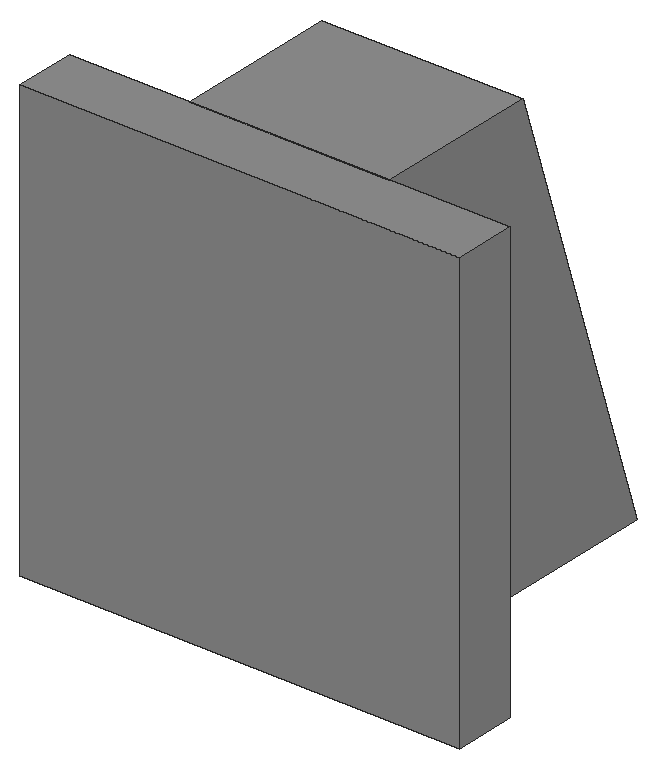
Revit family "3-708 Titan Sconce", category Lighting Fixtures, host Wall, Revit 2018
Family settings
  Host = Wall
  Round Connector Dimension = Use Diameter
  Part Type = Normal
  OmniClass Number = 23.80.70.00
  OmniClass Title = Lighting
  Always vertical = Yes
  Cut with Voids When Loaded = No
  Light Source = Yes
  Shared = No
  Room Calculation Point = No
Parameters (values of type "3-708-16 / Gray - White Frost Glass")
  Width = 4.75"
  Wattage Comments = "6.1 W at 120 V"  # constant formula
  Wattage = 6.1 W
  built-in parameter 1150110 = 1 (stored number, unit not read)
  Voltage Input = "120 V or 277 V - 50/60 Hz"  # constant formula
  Voltage = 120 V
  URL = "www.oxygenlighting.com"
  built-in parameter 1114217 = 1 (stored number, unit not read)
  Tilt Angle = -90.00°  # constant formula
  built-in parameter 1150109 = 1 (stored number, unit not read)
  built-in parameter 1150134 = (empty or 0)
  built-in parameter 1150113 = 1 (stored number, unit not read)
  References = "Ref. 3 = 120 V / Ref. 37 = 277 V"  # constant formula
  Photometric Web File = "3-708-16 Titan Outdoor.ies"
  Model = "3-708-xx Titan Sconce"  # constant formula
  Metal Finish = 16 - Gray
  Manufacturer = "Oxygen - Lighting & Fans"  # constant formula
  Main Diffuser = White Frost Glass
  Lumens = 236.68 lm
  built-in parameter 1150115 = 1 (stored number, unit not read)
  built-in parameter 1150105 = 18.834 (stored number, unit not read)
  built-in parameter 1150137 = (empty or 0)
  built-in parameter 1150139 = (empty or 0)
  Length = 4.00"
  built-in parameter 1150112 = 1 (stored number, unit not read)
  built-in parameter 1150114 = 1 (stored number, unit not read)
  Lamp = "LED Array"  # constant formula
  built-in parameter 1150132 = (empty or 0)
  built-in parameter 1150102 = (empty or 0)
  built-in parameter 1150138 = (empty or 0)
  built-in parameter 1150107 = 3000 (stored number, unit not read)
  built-in parameter 1150106 = 0.18834 (stored number, unit not read)
  Height = 4.75"
  built-in parameter 1150104 = 3.6046 (stored number, unit not read)
  Dimming Lamp Color Temperature Shift = <None>
  Color Filter = 16777215
  built-in parameter 1114218 = 1 (stored number, unit not read)
  built-in parameter 1150133 = 10 (stored number, unit not read)
Types (3): name | Metal Finish
  (no name) | 16 - Gray
  3-708-15 / Black - White Frost Glass | 15 - Black
  3-708-16 / Gray - White Frost Glass | 16 - Gray
Reference planes (in)
  plane 1: y = 0
  plane 2 "Light Source Axis (F/B)": y = 5
  plane 3 "Light Source Axis (L/R)": x = -1.43133
  plane 4 "Light Source Elevation": z = 54
  plane 5 "Wall Face": y = 3
  plane 6: z = 58.75
  plane 7: x = 0.94367
  plane 8: x = -3.80633
  plane 9: y = 7
Forms (in)
  Extrusion 1, solid, material "16 - Gray" <- "Metal Finish"
    sketch origin (0, 5, 0) x (1, 0, 0) y (0, 0, 1)
      loop
        line (0.94367, 58.75) -> (-3.80633, 58.75) -> (-3.80633, 54) -> (0.94367, 54) -> (0.94367, 58.75)
    from 1.33071 to 2
  Extrusion 2, solid, material "16 - Gray" <- "Metal Finish"
    sketch origin (0, 5, 0) x (1, 0, 0) y (0, 0, 1)
      loop
        line (-0.34865, 58.75) -> (-2.514, 58.75) -> (-2.514, 54) -> (-0.34865, 54) -> (-0.34865, 58.75)
    from -2 to 1.33071
  Extrusion 3, void
    sketch origin (-1.43133, 0, 0) x (0, -1, 0) y (0, 0, 1)
      loop
        line (-7, 58.75) -> (-7, 54) -> (-5.46366, 58.75) -> (-7, 58.75)
    from -1.08268 to 1.08268
  Extrusion 4, void
    sketch origin (-1.43133, 0, 0) x (0, -1, 0) y (0, 0, 1)
      loop
        line (-5.31815, 58.55) -> (-6.7898, 54) -> (-3.86929, 54) -> (-3.86929, 58.55) -> (-5.31815, 58.55)
    from -0.8872 to 0.88116
  Extrusion 5, solid, material "White Frost Glass" <- "Main Diffuser"
    sketch origin (0, 0, 0) x (1, 0, 0) y (0, 1, 0)
      loop
        line (-2.314, 6.8) -> (-2.314, 3.86929) -> (-0.54865, 3.86929) -> (-0.54865, 6.8) -> (-2.314, 6.8)
    from 54 to 54.07301
Cuts and joins
  Extrusion 3, Extrusion 4 cuts Extrusion 2
Text (in)
  text "Placement Side" at (0, 40.15149, 123.01588), in view "Right"
  text "Placement Side" at (-70.3804, 56.61594, 0), in view "Ref. Level"
  text "Placement Side" at (0, 47.49176, 140.59947), in view "Left"
Dimensions and locks (in)
  equal spacing: plane 8, plane 3 "Light Source Axis (L/R)", plane 7
  "Width": plane 8 to plane 7
  equal spacing: plane 5 "Wall Face", plane 2 "Light Source Axis (F/B)", plane 9
  "Length": plane 5 "Wall Face" to plane 9
  "Height": plane 4 "Light Source Elevation" to plane 6
  locked: plane 8 to Extrusion 2 at 1.29232
  locked: Extrusion 2 to plane 7 at 1.29232
  locked: plane 5 "Wall Face" to Extrusion 1 at 0.66929
  locked: Extrusion 4 sketch curve to cut or joined group of Extrusion 2, Extrusion 3, Extrusion 4 at 0.2
  locked: Extrusion 1 to Extrusion 4 sketch curve at 0.2
  locked: Extrusion 4 sketch curve to plane 6 at 0.2
  locked: cut or joined group of Extrusion 2, Extrusion 3, Extrusion 4 to cut or joined group of Extrusion 2, Extrusion 3, Extrusion 4 at 0.20152
  locked: cut or joined group of Extrusion 2, Extrusion 3, Extrusion 4 to cut or joined group of Extrusion 2, Extrusion 3, Extrusion 4 at 0.19547
  locked: plane 9 to Extrusion 5 sketch curve at 0.2
  locked: Extrusion 5 sketch curve to Extrusion 1 at 0.2
  locked: Extrusion 5 sketch curve to cut or joined group of Extrusion 2, Extrusion 3, Extrusion 4 at 0.2
  locked: cut or joined group of Extrusion 2, Extrusion 3, Extrusion 4 to Extrusion 5 sketch curve at 0.2
  locked: plane 4 "Light Source Elevation" to Extrusion 5 at 0.07301
  aligned and locked: plane 3 "Light Source Axis (L/R)" to imposter light
  aligned and locked: plane 2 "Light Source Axis (F/B)" to imposter light
  aligned and locked: plane 4 "Light Source Elevation" to imposter light
  aligned and locked: plane 5 "Wall Face" to host wall
  aligned and locked: plane 6 to Extrusion 1 sketch curve
  aligned and locked: Extrusion 1 sketch curve to plane 4 "Light Source Elevation"
  aligned and locked: Extrusion 1 sketch curve to plane 8
  aligned and locked: plane 7 to Extrusion 1 sketch curve
  aligned and locked: plane 6 to Extrusion 2 sketch curve
  aligned and locked: Extrusion 2 sketch curve to plane 4 "Light Source Elevation"
  aligned and locked: plane 9 to Extrusion 2
  aligned and locked: plane 5 "Wall Face" to Extrusion 1
  aligned and locked: Extrusion 2 to Extrusion 1
  aligned and locked: plane 9 to Extrusion 3 sketch curve
  aligned and locked: plane 6 to Extrusion 3 sketch curve
  aligned and locked: cut or joined group of Extrusion 2, Extrusion 3, Extrusion 4 to cut or joined group of Extrusion 2, Extrusion 3, Extrusion 4
  aligned and locked: Extrusion 2 to Extrusion 3
  aligned and locked: imposter light to Extrusion 3 sketch curve
  aligned and locked: plane 4 "Light Source Elevation" to Extrusion 4 sketch curve
  aligned and locked: plane 4 "Light Source Elevation" to Extrusion 5
Automatic sketch dimensions
  plane 3 "Light Source Axis (L/R)" to Extrusion 2 sketch curve = 1.08268"
  Extrusion 2 sketch curve to plane 3 "Light Source Axis (L/R)" = 1.08268"
  Extrusion 3 sketch curve to plane 2 "Light Source Axis (F/B)" = 0.46366"
